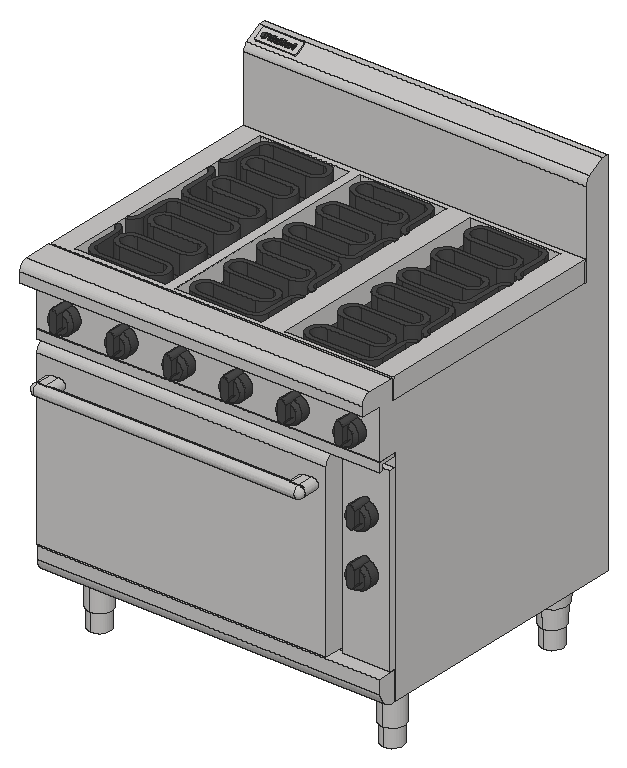
Revit family "QF_MOFFAT WALDORF_RN8610E", category Specialty Equipment, Revit 2012
Parameters
  Width = 900 mm
  Weight in Pounds = 195
  Watts = 20900 W
  Volts = 415 V
  URL Cutsheet = "www.moffat.com"
  URL = "www.moffat.com"
  Type Mark [instance] = ""
  Status [instance] = ""
  Specification by User [instance] = ""
  Specification by Manufacturer = ""
  Show Logo [instance] = yes
  Show Clearance [instance] = yes
  Serial Number = ""
  Seismic Rating = ""
  SMACNA No = ""
  Revision Code [instance] = ""
  Phase = 3
  Omniclass Number and Title = ""
  Number of Poles [instance] = 1
  NAFEM Spec ID Number = ""
  Model = "RN8610E"
  Min Ckt Ampacity = 0 A
  Max Overcurrent Protection = 0 A
  Masterspec = ""
  Manufacturer = "MOFFAT WALDORF"
  Item Number [instance] = ""
  Installed By [instance] = ""
  Identify Quantity as Lot [instance] = yes
  Height = 1130 mm
  HP = ""
  Furnished By [instance] = ""
  Foodservice Equipment Identifier [instance] = yes
  FL Amps = 29.3 A
  Electrical Remarks [instance] = ""
  Electric Connection Type [instance] = ""
  Elec Conn RI Height [instance] = 0 mm
  Elec Conn Connection Height [instance] = 0 mm
  Description = "RANGE ELECTRIC WITH STATIC OVEN"
  Depth = 805 mm
  Cycle = 50 Hz
  Conn Plug = ""
  Conn Conduit = yes
  CSI MasterFormat = ""
  CSI Master Format = ""
  Body Finish = QF_Finishes_Stainless Steel
  Apparent Power = 0 VA
Reference planes
  plane 1 "BACK": y = 0
  plane 2: z = 0
  plane 3 "LEFT": x = 0
  plane 4 "RIGHT": x = 900
  plane 5 "FRONT": y = -805
  plane 6 "TOP": z = 1130
  plane 7 "Center Y": x = 450
  plane 8 "Center X": y = -402.5
  plane 9: x = 280
  plane 10: y = -574.272
  plane 11: y = -304.972
  plane 12: y = -364.972
  plane 13: y = -805
  plane 14: x = 834.5
  plane 15: y = -32
  plane 16: z = 655
  plane 17: x = 65.8
Forms (mm)
  Extrusion 1, solid, material "QF_Finishes_Stainless Steel" <- "Body Finish"
    sketch origin (0, 0, 0) x (0, 1, 0) y (0, 0, 1)
      loop
        line (0, 150) -> (0, 1130) -> (-16.5, 1130) -> (-58.709, 1105.631)
        arc (-58.709, 1105.631) -> (-66.975, 1097.365) -> (-70, 1086.074) r 22.582
        line (-70, 1086.074) -> (-70, 861.8) -> (-709, 861.8) -> (-709, 915) -> (-781, 915)
        arc (-781, 915) -> (-797.971, 907.971) -> (-805, 891) r 24
        line (-805, 891) -> (-805, 866) -> (-749, 866) -> (-749, 736.219) -> (-696.73, 736.219) -> (-696.73, 150) -> (0, 150)
      loop
        line (-700.93, 150.071) -> (-700.93, 222.5) -> (-746.73, 222.5) -> (-746.73, 188)
        arc (-746.73, 188) -> (-731.317, 159.995) -> (-700.93, 150.071) r 43.526
      loop
        line (-749, 710) -> (-740.224, 710) -> (-742.613, 726.999) -> (-700.93, 726.999) -> (-700.93, 734.003) -> (-749, 734.003) -> (-749, 710)
    from 0 to 900
  Extrusion 2, solid, material "QF_Finishes_Stainless Steel"
    sketch origin (0, 0, 0) x (0, 1, 0) y (0, 0, 1)
      loop
        line (-699, 700) -> (-725, 700)
        arc (-725, 700) -> (-741.971, 692.971) -> (-749, 676) r 24
        line (-749, 676) -> (-749, 227.5) -> (-699, 227.5) -> (-699, 700)
    from 0 to 760
  Extrusion 3, solid, material "QF_Finishes_Stainless Steel"
    sketch origin (723.5, 0, 0) x (0, 1, 0) y (0, 0, 1)
      loop
        line (-699, 700) -> (-714, 700) -> (-714, 227.5) -> (-699, 227.5) -> (-699, 700)
    from 51.5 to 176.5
  Revolve 4, solid, material "QF_Finishes_Stainless Steel" <- "Body Finish"
    sketch origin (834.5, -165, 0) x (0, 1, 0) y (0, 0, -1)
      loop
        line (33.25, -50) -> (31.418, -102.468) -> (26.406, -102.468) -> (22.247, -150) -> (65, -150) -> (65, 0) -> (37.5, 0) -> (37.5, -50) -> (33.25, -50)
      axis (65, -150) -> (65, 0)
    angle from 0 to 360
  Revolve 5, solid, material "QF_Finishes_Stainless Steel" <- "Body Finish"
    sketch origin (834.5, -696.126, 0) x (0, 1, 0) y (0, 0, -1)
      loop
        line (39.376, -150) -> (71.126, -150) -> (71.126, 0) -> (43.626, 0) -> (43.626, -50) -> (39.376, -50) -> (39.376, -150)
      axis (71.126, -150) -> (71.126, 0)
    angle from 0 to 360
  Revolve 6, solid, material "QF_Finishes_Stainless Steel" <- "Body Finish"
    sketch origin (65.5, -165, 0) x (0, 1, 0) y (0, 0, 1)
      loop
        line (31.418, 102.468) -> (33.25, 50) -> (37.5, 50) -> (37.5, 0) -> (65, 0) -> (65, 150) -> (22.247, 150) -> (26.406, 102.468) -> (31.418, 102.468)
      axis (65, 150) -> (65, 0)
    angle from 0 to 360
  Revolve 7, solid, material "QF_Finishes_Stainless Steel" <- "Body Finish"
    sketch origin (65.5, -696.126, 0) x (0, 1, 0) y (0, 0, 1)
      loop
        line (39.376, 150) -> (39.376, 50) -> (43.626, 50) -> (43.626, 0) -> (71.126, 0) -> (71.126, 150) -> (39.376, 150)
      axis (71.126, 150) -> (71.126, 0)
    angle from 0 to 360
  Extrusion 8, solid, material "QF_Finishes_Stainless Steel"
    sketch origin (0, -70, 861.8) x (0, -1, 0) y (1, 0, 0)
      loop
        arc (1, 4) -> (1.879, 1.879) -> (4, 1) r 3
        line (4, 1) -> (631, 1)
        arc (631, 1) -> (633.121, 1.879) -> (634, 4) r 3
        line (634, 4) -> (634, 897)
        arc (634, 897) -> (633.121, 899.121) -> (631, 900) r 3
        line (631, 900) -> (4, 900)
        arc (4, 900) -> (1.879, 899.121) -> (1, 897) r 3
        line (1, 897) -> (1, 4)
      loop
        line (15.284, 54) -> (623.415, 54) -> (623.415, 293.3) -> (15.284, 293.3) -> (15.284, 54)
      loop
        line (15.284, 846) -> (15.284, 606.7) -> (623.415, 606.7) -> (623.415, 846) -> (15.284, 846)
      loop
        line (15.284, 546) -> (15.284, 316.7) -> (623.415, 316.7) -> (623.415, 546) -> (15.284, 546)
    from 0 to 53.2
  Revolve 9, solid, material "QF_Finishes_Black"
    sketch origin (839.351, 38.874, -0.118) x (0, 1, 0) y (0, 0, 1)
      loop
        line (-820.874, 829.5) -> (-831.874, 823.651) -> (-831.874, 797) -> (-787.874, 797) -> (-787.874, 802) -> (-797.874, 802) -> (-797.874, 829.5) -> (-820.874, 829.5)
      axis (-831.874, 797) -> (-787.874, 797)
    angle from 0 to 360
  Revolve 10, solid, material "QF_Finishes_Black"
    sketch origin (689.351, 38.874, -0.118) x (0, 1, 0) y (0, 0, 1)
      loop
        line (-820.874, 829.5) -> (-831.874, 823.651) -> (-831.874, 797) -> (-787.874, 797) -> (-787.874, 802) -> (-797.874, 802) -> (-797.874, 829.5) -> (-820.874, 829.5)
      axis (-831.874, 797) -> (-787.874, 797)
    angle from 0 to 360
  Revolve 11, solid, material "QF_Finishes_Black"
    sketch origin (90.649, 38.874, -0.118) x (0, 1, 0) y (0, 0, -1)
      loop
        line (-820.874, -829.5) -> (-797.874, -829.5) -> (-797.874, -802) -> (-787.874, -802) -> (-787.874, -797) -> (-831.874, -797) -> (-831.874, -823.651) -> (-820.874, -829.5)
      axis (-831.874, -797) -> (-787.874, -797)
    angle from 0 to 360
  Revolve 12, solid, material "QF_Finishes_Black"
    sketch origin (240.649, 38.874, -0.118) x (0, 1, 0) y (0, 0, -1)
      loop
        line (-820.874, -829.5) -> (-797.874, -829.5) -> (-797.874, -802) -> (-787.874, -802) -> (-787.874, -797) -> (-831.874, -797) -> (-831.874, -823.651) -> (-820.874, -829.5)
      axis (-831.874, -797) -> (-787.874, -797)
    angle from 0 to 360
  Revolve 13, solid, material "QF_Finishes_Black"
    sketch origin (390.625, 38.874, -0.118) x (0, 1, 0) y (0, 0, -1)
      loop
        line (-820.874, -829.5) -> (-797.874, -829.5) -> (-797.874, -802) -> (-787.874, -802) -> (-787.874, -797) -> (-831.874, -797) -> (-831.874, -823.651) -> (-820.874, -829.5)
      axis (-831.874, -797) -> (-787.874, -797)
    angle from 0 to 360
  Revolve 14, solid, material "QF_Finishes_Black"
    sketch origin (540.625, 38.874, -0.118) x (0, 1, 0) y (0, 0, -1)
      loop
        line (-820.874, -829.5) -> (-797.874, -829.5) -> (-797.874, -802) -> (-787.874, -802) -> (-787.874, -797) -> (-831.874, -797) -> (-831.874, -823.651) -> (-820.874, -829.5)
      axis (-831.874, -797) -> (-787.874, -797)
    angle from 0 to 360
  Extrusion 15, solid, material "QF_Finishes_Black"
    sketch origin (238.456, 0, -0.118) x (-1, 0, 0) y (0, 0, -1)
      loop
        arc (158.3, -789) -> (148.3, -779) -> (138.3, -789) r 10
        line (138.3, -789) -> (138.3, -824)
        arc (138.3, -824) -> (148.3, -834) -> (158.3, -824) r 10
        line (158.3, -824) -> (158.3, -789)
    from 759 to 808
  Extrusion 16, solid, material "QF_Finishes_Black"
    sketch origin (388.456, 0, -0.118) x (-1, 0, 0) y (0, 0, -1)
      loop
        arc (158.3, -789) -> (148.3, -779) -> (138.3, -789) r 10
        line (138.3, -789) -> (138.3, -824)
        arc (138.3, -824) -> (148.3, -834) -> (158.3, -824) r 10
        line (158.3, -824) -> (158.3, -789)
    from 759 to 808
  Extrusion 17, solid, material "QF_Finishes_Black"
    sketch origin (691.544, 0, -0.118) x (1, 0, 0) y (0, 0, 1)
      loop
        line (158.3, 789) -> (158.3, 824)
        arc (158.3, 824) -> (148.3, 834) -> (138.3, 824) r 10
        line (138.3, 824) -> (138.3, 789)
        arc (138.3, 789) -> (148.3, 779) -> (158.3, 789) r 10
    from 759 to 808
  Extrusion 18, solid, material "QF_Finishes_Black"
    sketch origin (541.544, 0, -0.118) x (1, 0, 0) y (0, 0, 1)
      loop
        line (158.3, 789) -> (158.3, 824)
        arc (158.3, 824) -> (148.3, 834) -> (138.3, 824) r 10
        line (138.3, 824) -> (138.3, 789)
        arc (138.3, 789) -> (148.3, 779) -> (158.3, 789) r 10
    from 759 to 808
  Extrusion 19, solid, material "QF_Finishes_Black"
    sketch origin (538.432, 0, -0.118) x (-1, 0, 0) y (0, 0, -1)
      loop
        arc (158.3, -789) -> (148.3, -779) -> (138.3, -789) r 10
        line (138.3, -789) -> (138.3, -824)
        arc (138.3, -824) -> (148.3, -834) -> (158.3, -824) r 10
        line (158.3, -824) -> (158.3, -789)
    from 759 to 808
  Extrusion 20, solid, material "QF_Finishes_Black"
    sketch origin (688.432, 0, -0.118) x (-1, 0, 0) y (0, 0, -1)
      loop
        arc (158.3, -789) -> (148.3, -779) -> (138.3, -789) r 10
        line (138.3, -789) -> (138.3, -824)
        arc (138.3, -824) -> (148.3, -834) -> (158.3, -824) r 10
        line (158.3, -824) -> (158.3, -789)
    from 759 to 808
  Revolve 21, solid, material "QF_Finishes_Black"
    sketch origin (836.851, 81.374, -216.368) x (0, 1, 0) y (0, 0, 1)
      loop
        line (-820.874, 829.5) -> (-831.874, 823.651) -> (-831.874, 797) -> (-787.874, 797) -> (-787.874, 802) -> (-797.874, 802) -> (-797.874, 829.5) -> (-820.874, 829.5)
      axis (-831.874, 797) -> (-787.874, 797)
    angle from 0 to 360
  Extrusion 22, solid, material "QF_Finishes_Black"
    sketch origin (689.044, 42.5, -216.368) x (1, 0, 0) y (0, 0, 1)
      loop
        line (158.3, 789) -> (158.3, 824)
        arc (158.3, 824) -> (148.3, 834) -> (138.3, 824) r 10
        line (138.3, 824) -> (138.3, 789)
        arc (138.3, 789) -> (148.3, 779) -> (158.3, 789) r 10
    from 759 to 808
  Revolve 23, solid, material "QF_Finishes_Black"
    sketch origin (836.851, 81.374, -356.368) x (0, 1, 0) y (0, 0, 1)
      loop
        line (-820.874, 829.5) -> (-831.874, 823.651) -> (-831.874, 797) -> (-787.874, 797) -> (-787.874, 802) -> (-797.874, 802) -> (-797.874, 829.5) -> (-820.874, 829.5)
      axis (-831.874, 797) -> (-787.874, 797)
    angle from 0 to 360
  Extrusion 24, solid, material "QF_Finishes_Black"
    sketch origin (689.044, 42.5, -356.368) x (1, 0, 0) y (0, 0, 1)
      loop
        line (158.3, 789) -> (158.3, 824)
        arc (158.3, 824) -> (148.3, 834) -> (138.3, 824) r 10
        line (138.3, 824) -> (138.3, 789)
        arc (138.3, 789) -> (148.3, 779) -> (158.3, 789) r 10
    from 759 to 808
  Extrusion 25, solid, material "QF_Finishes_Stainless Steel"
    sketch origin (0, -737.874, 150) x (1, 0, 0) y (0, -1, 0)
      loop
        circle (820, -271.874) r 10
    from 0 to 5
  Extrusion 26, solid, material "QF_Door-Drawer Clearances", visible <- "Show Clearance", detail levels coarse
    sketch origin (0, 0, 0) x (0, -1, 0) y (0, 0, 1)
      loop
        line (749, 697.347) -> (749, 227.5) -> (1218.847, 227.5)
        arc (1218.847, 227.5) -> (1081.232, 559.732) -> (749, 697.347) r 469.847
    from 0 to -760
  Extrusion 27, solid, material "QF_Finishes_Black"
    sketch origin (0, -70, 0) x (0, -1, 0) y (1, 0, 0)
      loop
        arc (20.503, 102.138) -> (29.265, 78.692) -> (52.032, 68.293) r 32.731
        line (52.032, 68.293) -> (123.291, 68.293)
        arc (123.291, 68.293) -> (134.915, 64.189) -> (141.853, 54) r 19.786
        line (141.853, 54) -> (154.156, 54)
        arc (154.156, 54) -> (143.507, 72.673) -> (123.41, 80.3) r 31.79
        line (123.41, 80.3) -> (52.272, 80.3)
        arc (52.272, 80.3) -> (37.925, 87.003) -> (32.5, 101.881) r 20.722
        line (32.5, 101.881) -> (32.5, 234.6)
        arc (32.5, 234.6) -> (54.2, 256.3) -> (75.9, 234.6) r 21.7
        line (75.9, 234.6) -> (75.9, 122)
        arc (75.9, 122) -> (109.6, 88.3) -> (143.3, 122) r 33.7
        line (143.3, 122) -> (143.3, 234.6)
        arc (143.3, 234.6) -> (165, 256.3) -> (186.7, 234.6) r 21.7
        line (186.7, 234.6) -> (186.7, 122)
        arc (186.7, 122) -> (220.4, 88.3) -> (254.1, 122) r 33.7
        line (254.1, 122) -> (254.1, 234.6)
        arc (254.1, 234.6) -> (275.8, 256.3) -> (297.5, 234.6) r 21.7
        line (297.5, 234.6) -> (297.5, 101.881)
        arc (297.5, 101.881) -> (292.075, 87.003) -> (277.728, 80.3) r 20.722
        line (277.728, 80.3) -> (206.584, 80.3)
        arc (206.584, 80.3) -> (186.467, 72.659) -> (175.749, 54) r 31.973
        line (175.749, 54) -> (188.064, 54)
        arc (188.064, 54) -> (195.064, 64.184) -> (206.716, 68.3) r 19.973
        line (206.716, 68.3) -> (277.967, 68.3)
        arc (277.967, 68.3) -> (300.725, 78.682) -> (309.5, 102.106) r 32.722
        line (309.5, 102.106) -> (309.5, 234.6)
        arc (309.5, 234.6) -> (275.8, 268.3) -> (242.1, 234.6) r 33.7
        line (242.1, 234.6) -> (242.1, 122)
        arc (242.1, 122) -> (220.4, 100.3) -> (198.7, 122) r 21.7
        line (198.7, 122) -> (198.7, 234.6)
        arc (198.7, 234.6) -> (165, 268.3) -> (131.3, 234.6) r 33.7
        line (131.3, 234.6) -> (131.3, 122)
        arc (131.3, 122) -> (109.6, 100.3) -> (87.9, 122) r 21.7
        line (87.9, 122) -> (87.9, 234.6)
        arc (87.9, 234.6) -> (54.202, 268.298) -> (20.503, 234.6) r 33.698
        line (20.503, 234.6) -> (20.503, 102.138)
      loop
        arc (325.503, 102.138) -> (334.265, 78.692) -> (357.032, 68.293) r 32.731
        line (357.032, 68.293) -> (428.291, 68.293)
        arc (428.291, 68.293) -> (439.915, 64.189) -> (446.853, 54) r 19.786
        line (446.853, 54) -> (459.156, 54)
        arc (459.156, 54) -> (448.507, 72.673) -> (428.41, 80.3) r 31.79
        line (428.41, 80.3) -> (357.272, 80.3)
        arc (357.272, 80.3) -> (342.925, 87.003) -> (337.5, 101.881) r 20.722
        line (337.5, 101.881) -> (337.5, 234.6)
        arc (337.5, 234.6) -> (359.2, 256.3) -> (380.9, 234.6) r 21.7
        line (380.9, 234.6) -> (380.9, 122)
        arc (380.9, 122) -> (414.6, 88.3) -> (448.3, 122) r 33.7
        line (448.3, 122) -> (448.3, 234.6)
        arc (448.3, 234.6) -> (470, 256.3) -> (491.7, 234.6) r 21.7
        line (491.7, 234.6) -> (491.7, 122)
        arc (491.7, 122) -> (525.4, 88.3) -> (559.1, 122) r 33.7
        line (559.1, 122) -> (559.1, 234.6)
        arc (559.1, 234.6) -> (580.8, 256.3) -> (602.5, 234.6) r 21.7
        line (602.5, 234.6) -> (602.5, 101.881)
        arc (602.5, 101.881) -> (597.075, 87.003) -> (582.728, 80.3) r 20.722
        line (582.728, 80.3) -> (511.584, 80.3)
        arc (511.584, 80.3) -> (491.467, 72.659) -> (480.749, 54) r 31.973
        line (480.749, 54) -> (493.064, 54)
        arc (493.064, 54) -> (500.064, 64.184) -> (511.716, 68.3) r 19.973
        line (511.716, 68.3) -> (582.967, 68.3)
        arc (582.967, 68.3) -> (605.725, 78.682) -> (614.5, 102.106) r 32.722
        line (614.5, 102.106) -> (614.5, 234.6)
        arc (614.5, 234.6) -> (580.8, 268.3) -> (547.1, 234.6) r 33.7
        line (547.1, 234.6) -> (547.1, 122)
        arc (547.1, 122) -> (525.4, 100.3) -> (503.7, 122) r 21.7
        line (503.7, 122) -> (503.7, 234.6)
        arc (503.7, 234.6) -> (470, 268.3) -> (436.3, 234.6) r 33.7
        line (436.3, 234.6) -> (436.3, 122)
        arc (436.3, 122) -> (414.6, 100.3) -> (392.9, 122) r 21.7
        line (392.9, 122) -> (392.9, 234.6)
        arc (392.9, 234.6) -> (359.202, 268.298) -> (325.503, 234.6) r 33.698
        line (325.503, 234.6) -> (325.503, 102.138)
      loop
        line (20.503, 497.862) -> (20.503, 365.4)
        arc (20.503, 365.4) -> (54.202, 331.702) -> (87.9, 365.4) r 33.698
        line (87.9, 365.4) -> (87.9, 478)
        arc (87.9, 478) -> (109.6, 499.7) -> (131.3, 478) r 21.7
        line (131.3, 478) -> (131.3, 365.4)
        arc (131.3, 365.4) -> (165, 331.7) -> (198.7, 365.4) r 33.7
        line (198.7, 365.4) -> (198.7, 478)
        arc (198.7, 478) -> (220.4, 499.7) -> (242.1, 478) r 21.7
        line (242.1, 478) -> (242.1, 365.4)
        arc (242.1, 365.4) -> (275.8, 331.7) -> (309.5, 365.4) r 33.7
        line (309.5, 365.4) -> (309.5, 497.894)
        arc (309.5, 497.894) -> (300.725, 521.318) -> (277.967, 531.7) r 32.722
        line (277.967, 531.7) -> (206.716, 531.7)
        arc (206.716, 531.7) -> (195.064, 535.816) -> (188.064, 546) r 19.973
        line (188.064, 546) -> (175.749, 546)
        arc (175.749, 546) -> (186.467, 527.341) -> (206.584, 519.7) r 31.973
        line (206.584, 519.7) -> (277.728, 519.7)
        arc (277.728, 519.7) -> (292.075, 512.997) -> (297.5, 498.119) r 20.722
        line (297.5, 498.119) -> (297.5, 365.4)
        arc (297.5, 365.4) -> (275.8, 343.7) -> (254.1, 365.4) r 21.7
        line (254.1, 365.4) -> (254.1, 478)
        arc (254.1, 478) -> (220.4, 511.7) -> (186.7, 478) r 33.7
        line (186.7, 478) -> (186.7, 365.4)
        arc (186.7, 365.4) -> (165, 343.7) -> (143.3, 365.4) r 21.7
        line (143.3, 365.4) -> (143.3, 478)
        arc (143.3, 478) -> (109.6, 511.7) -> (75.9, 478) r 33.7
        line (75.9, 478) -> (75.9, 365.4)
        arc (75.9, 365.4) -> (54.2, 343.7) -> (32.5, 365.4) r 21.7
        line (32.5, 365.4) -> (32.5, 498.119)
        arc (32.5, 498.119) -> (37.925, 512.997) -> (52.272, 519.7) r 20.722
        line (52.272, 519.7) -> (123.41, 519.7)
        arc (123.41, 519.7) -> (143.507, 527.327) -> (154.156, 546) r 31.79
        line (154.156, 546) -> (141.853, 546)
        arc (141.853, 546) -> (134.915, 535.811) -> (123.291, 531.707) r 19.786
        line (123.291, 531.707) -> (52.032, 531.707)
        arc (52.032, 531.707) -> (29.265, 521.308) -> (20.503, 497.862) r 32.731
      loop
        line (325.503, 497.862) -> (325.503, 365.4)
        arc (325.503, 365.4) -> (359.202, 331.702) -> (392.9, 365.4) r 33.698
        line (392.9, 365.4) -> (392.9, 478)
        arc (392.9, 478) -> (414.6, 499.7) -> (436.3, 478) r 21.7
        line (436.3, 478) -> (436.3, 365.4)
        arc (436.3, 365.4) -> (470, 331.7) -> (503.7, 365.4) r 33.7
        line (503.7, 365.4) -> (503.7, 478)
        arc (503.7, 478) -> (525.4, 499.7) -> (547.1, 478) r 21.7
        line (547.1, 478) -> (547.1, 365.4)
        arc (547.1, 365.4) -> (580.8, 331.7) -> (614.5, 365.4) r 33.7
        line (614.5, 365.4) -> (614.5, 497.894)
        arc (614.5, 497.894) -> (605.725, 521.318) -> (582.967, 531.7) r 32.722
        line (582.967, 531.7) -> (511.716, 531.7)
        arc (511.716, 531.7) -> (500.064, 535.816) -> (493.064, 546) r 19.973
        line (493.064, 546) -> (480.749, 546)
        arc (480.749, 546) -> (491.467, 527.341) -> (511.584, 519.7) r 31.973
        line (511.584, 519.7) -> (582.728, 519.7)
        arc (582.728, 519.7) -> (597.075, 512.997) -> (602.5, 498.119) r 20.722
        line (602.5, 498.119) -> (602.5, 365.4)
        arc (602.5, 365.4) -> (580.8, 343.7) -> (559.1, 365.4) r 21.7
        line (559.1, 365.4) -> (559.1, 478)
        arc (559.1, 478) -> (525.4, 511.7) -> (491.7, 478) r 33.7
        line (491.7, 478) -> (491.7, 365.4)
        arc (491.7, 365.4) -> (470, 343.7) -> (448.3, 365.4) r 21.7
        line (448.3, 365.4) -> (448.3, 478)
        arc (448.3, 478) -> (414.6, 511.7) -> (380.9, 478) r 33.7
        line (380.9, 478) -> (380.9, 365.4)
        arc (380.9, 365.4) -> (359.2, 343.7) -> (337.5, 365.4) r 21.7
        line (337.5, 365.4) -> (337.5, 498.119)
        arc (337.5, 498.119) -> (342.925, 512.997) -> (357.272, 519.7) r 20.722
        line (357.272, 519.7) -> (428.41, 519.7)
        arc (428.41, 519.7) -> (448.507, 527.327) -> (459.156, 546) r 31.79
        line (459.156, 546) -> (446.853, 546)
        arc (446.853, 546) -> (439.915, 535.811) -> (428.291, 531.707) r 19.786
        line (428.291, 531.707) -> (357.032, 531.707)
        arc (357.032, 531.707) -> (334.265, 521.308) -> (325.503, 497.862) r 32.731
      loop
        line (20.503, 797.862) -> (20.503, 665.4)
        arc (20.503, 665.4) -> (54.202, 631.702) -> (87.9, 665.4) r 33.698
        line (87.9, 665.4) -> (87.9, 778)
        arc (87.9, 778) -> (109.6, 799.7) -> (131.3, 778) r 21.7
        line (131.3, 778) -> (131.3, 665.4)
        arc (131.3, 665.4) -> (165, 631.7) -> (198.7, 665.4) r 33.7
        line (198.7, 665.4) -> (198.7, 778)
        arc (198.7, 778) -> (220.4, 799.7) -> (242.1, 778) r 21.7
        line (242.1, 778) -> (242.1, 665.4)
        arc (242.1, 665.4) -> (275.8, 631.7) -> (309.5, 665.4) r 33.7
        line (309.5, 665.4) -> (309.5, 797.894)
        arc (309.5, 797.894) -> (300.725, 821.318) -> (277.967, 831.7) r 32.722
        line (277.967, 831.7) -> (206.716, 831.7)
        arc (206.716, 831.7) -> (195.064, 835.816) -> (188.064, 846) r 19.973
        line (188.064, 846) -> (175.749, 846)
        arc (175.749, 846) -> (186.467, 827.341) -> (206.584, 819.7) r 31.973
        line (206.584, 819.7) -> (277.728, 819.7)
        arc (277.728, 819.7) -> (292.075, 812.997) -> (297.5, 798.119) r 20.722
        line (297.5, 798.119) -> (297.5, 665.4)
        arc (297.5, 665.4) -> (275.8, 643.7) -> (254.1, 665.4) r 21.7
        line (254.1, 665.4) -> (254.1, 778)
        arc (254.1, 778) -> (220.4, 811.7) -> (186.7, 778) r 33.7
        line (186.7, 778) -> (186.7, 665.4)
        arc (186.7, 665.4) -> (165, 643.7) -> (143.3, 665.4) r 21.7
        line (143.3, 665.4) -> (143.3, 778)
        arc (143.3, 778) -> (109.6, 811.7) -> (75.9, 778) r 33.7
        line (75.9, 778) -> (75.9, 665.4)
        arc (75.9, 665.4) -> (54.2, 643.7) -> (32.5, 665.4) r 21.7
        line (32.5, 665.4) -> (32.5, 798.119)
        arc (32.5, 798.119) -> (37.925, 812.997) -> (52.272, 819.7) r 20.722
        line (52.272, 819.7) -> (123.41, 819.7)
        arc (123.41, 819.7) -> (143.507, 827.327) -> (154.156, 846) r 31.79
        line (154.156, 846) -> (141.853, 846)
        arc (141.853, 846) -> (134.915, 835.811) -> (123.291, 831.707) r 19.786
        line (123.291, 831.707) -> (52.032, 831.707)
        arc (52.032, 831.707) -> (29.265, 821.308) -> (20.503, 797.862) r 32.731
      loop
        line (325.503, 797.862) -> (325.503, 665.4)
        arc (325.503, 665.4) -> (359.202, 631.702) -> (392.9, 665.4) r 33.698
        line (392.9, 665.4) -> (392.9, 778)
        arc (392.9, 778) -> (414.6, 799.7) -> (436.3, 778) r 21.7
        line (436.3, 778) -> (436.3, 665.4)
        arc (436.3, 665.4) -> (470, 631.7) -> (503.7, 665.4) r 33.7
        line (503.7, 665.4) -> (503.7, 778)
        arc (503.7, 778) -> (525.4, 799.7) -> (547.1, 778) r 21.7
        line (547.1, 778) -> (547.1, 665.4)
        arc (547.1, 665.4) -> (580.8, 631.7) -> (614.5, 665.4) r 33.7
        line (614.5, 665.4) -> (614.5, 797.894)
        arc (614.5, 797.894) -> (605.725, 821.318) -> (582.967, 831.7) r 32.722
        line (582.967, 831.7) -> (511.716, 831.7)
        arc (511.716, 831.7) -> (500.064, 835.816) -> (493.064, 846) r 19.973
        line (493.064, 846) -> (480.749, 846)
        arc (480.749, 846) -> (491.467, 827.341) -> (511.584, 819.7) r 31.973
        line (511.584, 819.7) -> (582.728, 819.7)
        arc (582.728, 819.7) -> (597.075, 812.997) -> (602.5, 798.119) r 20.722
        line (602.5, 798.119) -> (602.5, 665.4)
        arc (602.5, 665.4) -> (580.8, 643.7) -> (559.1, 665.4) r 21.7
        line (559.1, 665.4) -> (559.1, 778)
        arc (559.1, 778) -> (525.4, 811.7) -> (491.7, 778) r 33.7
        line (491.7, 778) -> (491.7, 665.4)
        arc (491.7, 665.4) -> (470, 643.7) -> (448.3, 665.4) r 21.7
        line (448.3, 665.4) -> (448.3, 778)
        arc (448.3, 778) -> (414.6, 811.7) -> (380.9, 778) r 33.7
        line (380.9, 778) -> (380.9, 665.4)
        arc (380.9, 665.4) -> (359.2, 643.7) -> (337.5, 665.4) r 21.7
        line (337.5, 665.4) -> (337.5, 798.119)
        arc (337.5, 798.119) -> (342.925, 812.997) -> (357.272, 819.7) r 20.722
        line (357.272, 819.7) -> (428.41, 819.7)
        arc (428.41, 819.7) -> (448.507, 827.327) -> (459.156, 846) r 31.79
        line (459.156, 846) -> (446.853, 846)
        arc (446.853, 846) -> (439.915, 835.811) -> (428.291, 831.707) r 19.786
        line (428.291, 831.707) -> (357.032, 831.707)
        arc (357.032, 831.707) -> (334.265, 821.308) -> (325.503, 797.862) r 32.731
    from 861.8 to 915
  Extrusion 28, solid, material "QF_Finishes_Stainless Steel"
    sketch origin (0, -749, 227.5) x (0, 0, 1) y (-1, 0, 0)
      loop
        line (380.625, -38.246) -> (380.625, -58.528)
        arc (380.625, -58.528) -> (395.625, -73.528) -> (410.625, -58.528) r 15
        line (410.625, -58.528) -> (410.625, -38.246)
        arc (410.625, -38.246) -> (395.625, -23.246) -> (380.625, -38.246) r 15
      loop
        arc (380.625, -723.039) -> (395.625, -738.039) -> (410.625, -723.039) r 15
        line (410.625, -723.039) -> (410.625, -702.757)
        arc (410.625, -702.757) -> (395.625, -687.757) -> (380.625, -702.757) r 15
        line (380.625, -702.757) -> (380.625, -723.039)
    from 0 to 44
  Revolve 29, solid, material "QF_Finishes_Stainless Steel"
    sketch origin (0, -793, 0) x (1, 0, 0) y (0, 0, 1)
      loop
        arc (738.039, 623.125) -> (733.646, 633.732) -> (723.039, 638.125) r 15
        line (723.039, 638.125) -> (38.246, 638.125)
        arc (38.246, 638.125) -> (27.64, 633.732) -> (23.246, 623.125) r 15
        line (23.246, 623.125) -> (738.039, 623.125)
      axis (738.039, 623.125) -> (23.246, 623.125)
    angle from 0 to 360
Lines and regions (mm)
  Split face 1
    outline origin (0, -16.5, 1130) x (0, -0.866025, -0.5) y (1, 0, 0)
      loop
        line (1.962, 129.583) -> (34.599, 129.583) -> (34.599, 149.583) -> (1.962, 149.583) -> (1.962, 129.583)
  Split face 2
    outline origin (0, -16.5, 1130) x (0, -0.866025, -0.5) y (1, 0, 0)
      loop
        line (34.599, 156.5) -> (34.599, 176.5) -> (1.962, 176.5) -> (1.962, 156.5) -> (34.599, 156.5)
  Split face 3
    outline origin (0, -16.5, 1130) x (0, -0.866025, -0.5) y (1, 0, 0)
      loop
        line (34.599, 203.5) -> (1.962, 203.5) -> (1.962, 183.5) -> (34.599, 183.5) -> (34.599, 203.5)
  Split face 4
    outline origin (0, -16.5, 1130) x (0, -0.866025, -0.5) y (1, 0, 0)
      loop
        line (34.599, 230.5) -> (1.962, 230.5) -> (1.962, 210.5) -> (34.599, 210.5) -> (34.599, 230.5)
  Split face 5
    outline origin (0, -16.5, 1130) x (0, -0.866025, -0.5) y (1, 0, 0)
      loop
        line (34.599, 257.5) -> (1.962, 257.5) -> (1.962, 237.5) -> (34.599, 237.5) -> (34.599, 257.5)
  Split face 6
    outline origin (0, -16.5, 1130) x (0, -0.866025, -0.5) y (1, 0, 0)
      loop
        line (34.599, 264.5) -> (34.599, 284.5) -> (1.962, 284.5) -> (1.962, 264.5) -> (34.599, 264.5)
  Split face 7
    outline origin (0, -16.5, 1130) x (0, -0.866025, -0.5) y (1, 0, 0)
      loop
        line (34.599, 311.5) -> (1.962, 311.5) -> (1.962, 291.5) -> (34.599, 291.5) -> (34.599, 311.5)
  Split face 8
    outline origin (0, -16.5, 1130) x (0, -0.866025, -0.5) y (1, 0, 0)
      loop
        line (1.962, 638.5) -> (1.962, 618.5) -> (34.599, 618.5) -> (34.599, 638.5) -> (1.962, 638.5)
  Split face 9
    outline origin (0, -16.5, 1130) x (0, -0.866025, -0.5) y (1, 0, 0)
      loop
        line (1.962, 645.5) -> (34.599, 645.5) -> (34.599, 665.5) -> (1.962, 665.5) -> (1.962, 645.5)
  Split face 10
    outline origin (0, -16.5, 1130) x (0, -0.866025, -0.5) y (1, 0, 0)
      loop
        line (34.599, 672.5) -> (34.599, 692.5) -> (1.962, 692.5) -> (1.962, 672.5) -> (34.599, 672.5)
  Split face 11
    outline origin (0, -16.5, 1130) x (0, -0.866025, -0.5) y (1, 0, 0)
      loop
        line (34.599, 699.5) -> (34.599, 719.5) -> (1.962, 719.5) -> (1.962, 699.5) -> (34.599, 699.5)
  Split face 12
    outline origin (0, -16.5, 1130) x (0, -0.866025, -0.5) y (1, 0, 0)
      loop
        line (34.599, 726.5) -> (34.599, 746.5) -> (1.962, 746.5) -> (1.962, 726.5) -> (34.599, 726.5)
  Split face 13
    outline origin (0, -16.5, 1130) x (0, -0.866025, -0.5) y (1, 0, 0)
      loop
        line (1.962, 753.5) -> (34.599, 753.5) -> (34.599, 773.5) -> (1.962, 773.5) -> (1.962, 753.5)
  Split face 14
    outline origin (29.312, -16.5, 1130) x (0, -0.866025, -0.5) y (1, 0, 0)
      loop
        line (34.599, 311.5) -> (1.962, 311.5) -> (1.962, 291.5) -> (34.599, 291.5) -> (34.599, 311.5)
  Split face 15
    outline origin (58.539, -16.5, 1130) x (0, -0.866025, -0.5) y (1, 0, 0)
      loop
        line (34.599, 311.5) -> (1.962, 311.5) -> (1.962, 291.5) -> (34.599, 291.5) -> (34.599, 311.5)
  Split face 16
    outline origin (85.538, -16.5, 1130) x (0, -0.866025, -0.5) y (1, 0, 0)
      loop
        line (34.599, 311.5) -> (1.962, 311.5) -> (1.962, 291.5) -> (34.599, 291.5) -> (34.599, 311.5)
  Split face 17
    outline origin (111.014, -16.5, 1130) x (0, -0.866025, -0.5) y (1, 0, 0)
      loop
        line (34.599, 311.5) -> (1.962, 311.5) -> (1.962, 291.5) -> (34.599, 291.5) -> (34.599, 311.5)
  Split face 18
    outline origin (137.462, -16.5, 1130) x (0, -0.866025, -0.5) y (1, 0, 0)
      loop
        line (34.599, 311.5) -> (1.962, 311.5) -> (1.962, 291.5) -> (34.599, 291.5) -> (34.599, 311.5)
  Split face 19
    outline origin (163.546, -16.5, 1130) x (0, -0.866025, -0.5) y (1, 0, 0)
      loop
        line (34.599, 311.5) -> (1.962, 311.5) -> (1.962, 291.5) -> (34.599, 291.5) -> (34.599, 311.5)
  Split face 20
    outline origin (189.443, -16.5, 1130) x (0, -0.866025, -0.5) y (1, 0, 0)
      loop
        line (34.599, 311.5) -> (1.962, 311.5) -> (1.962, 291.5) -> (34.599, 291.5) -> (34.599, 311.5)
  Split face 21
    outline origin (215.891, -16.5, 1130) x (0, -0.866025, -0.5) y (1, 0, 0)
      loop
        line (34.599, 311.5) -> (1.962, 311.5) -> (1.962, 291.5) -> (34.599, 291.5) -> (34.599, 311.5)
  Split face 22
    outline origin (246.196, -16.5, 1130) x (0, -0.866025, -0.5) y (1, 0, 0)
      loop
        line (34.599, 311.5) -> (1.962, 311.5) -> (1.962, 291.5) -> (34.599, 291.5) -> (34.599, 311.5)
  Split face 23
    outline origin (274.297, -16.5, 1130) x (0, -0.866025, -0.5) y (1, 0, 0)
      loop
        line (34.599, 311.5) -> (1.962, 311.5) -> (1.962, 291.5) -> (34.599, 291.5) -> (34.599, 311.5)
  Split face 24
    outline origin (299.643, -16.5, 1130) x (0, -0.866025, -0.5) y (1, 0, 0)
      loop
        line (34.599, 311.5) -> (1.962, 311.5) -> (1.962, 291.5) -> (34.599, 291.5) -> (34.599, 311.5)
  symbolic lines
    curve 1: line (0, 0, 0) -> (0, -805, 0)
    curve 2: line (900, 0, 0) -> (0, 0, 0)
    curve 3: line (900, -805, 0) -> (900, 0, 0)
    curve 4: line (0, -70, 0) -> (900, -70, 0)
    curve 5: line (12.5, -51.234, 0) -> (12.5, -20.958, 0)
    curve 6: line (12.5, -20.958, 0) -> (121.5, -20.958, 0)
    curve 7: line (12.5, -51.234, 0) -> (121.5, -51.234, 0)
    curve 8: line (121.5, -20.958, 0) -> (121.5, -51.234, 0)
    curve 9: line (129.583, -22.262, 0) -> (129.583, -50.526, 0)
    curve 10: line (129.583, -50.526, 0) -> (149.583, -50.526, 0)
    curve 11: line (149.583, -50.526, 0) -> (149.583, -22.262, 0)
    curve 12: line (149.583, -22.262, 0) -> (129.583, -22.262, 0)
    curve 13: line (156.5, -22.262, 0) -> (156.5, -50.526, 0)
    curve 14: line (156.5, -50.526, 0) -> (176.5, -50.526, 0)
    curve 15: line (176.5, -50.526, 0) -> (176.5, -22.262, 0)
    curve 16: line (176.5, -22.262, 0) -> (156.5, -22.262, 0)
    curve 17: line (183.5, -22.262, 0) -> (183.5, -50.526, 0)
    curve 18: line (183.5, -50.526, 0) -> (203.5, -50.526, 0)
    curve 19: line (203.5, -50.526, 0) -> (203.5, -22.262, 0)
    curve 20: line (203.5, -22.262, 0) -> (183.5, -22.262, 0)
    curve 21: line (210.5, -22.262, 0) -> (210.5, -50.526, 0)
    curve 22: line (210.5, -50.526, 0) -> (230.5, -50.526, 0)
    curve 23: line (230.5, -50.526, 0) -> (230.5, -22.262, 0)
    curve 24: line (230.5, -22.262, 0) -> (210.5, -22.262, 0)
    curve 25: line (900, -805, 0) -> (0, -805, 0)
    curve 26: line (4.5, -805, 0) -> (4.5, -70, 0)
    curve 27: line (897, -70, 0) -> (897, -805, 0)
    curve 28: line (237.5, -22.262, 0) -> (237.5, -50.526, 0)
    curve 29: line (237.5, -50.526, 0) -> (257.5, -50.526, 0)
    curve 30: line (257.5, -50.526, 0) -> (257.5, -22.262, 0)
    curve 31: line (257.5, -22.262, 0) -> (237.5, -22.262, 0)
    curve 32: line (264.417, -22.262, 0) -> (264.417, -50.526, 0)
    curve 33: line (264.417, -50.526, 0) -> (284.417, -50.526, 0)
    curve 34: line (284.417, -50.526, 0) -> (284.417, -22.262, 0)
    curve 35: line (284.417, -22.262, 0) -> (264.417, -22.262, 0)
    curve 36: line (291.417, -22.262, 0) -> (291.417, -50.526, 0)
    curve 37: line (291.417, -50.526, 0) -> (311.417, -50.526, 0)
    curve 38: line (311.417, -50.526, 0) -> (311.417, -22.262, 0)
    curve 39: line (311.417, -22.262, 0) -> (291.417, -22.262, 0)
    curve 40: line (318.417, -22.262, 0) -> (318.417, -50.526, 0)
    curve 41: line (318.417, -50.526, 0) -> (338.417, -50.526, 0)
    curve 42: line (338.417, -50.526, 0) -> (338.417, -22.262, 0)
    curve 43: line (338.417, -22.262, 0) -> (318.417, -22.262, 0)
    curve 44: line (350.039, -22.262, 0) -> (350.039, -50.526, 0)
    curve 45: line (350.039, -50.526, 0) -> (370.039, -50.526, 0)
    curve 46: line (370.039, -50.526, 0) -> (370.039, -22.262, 0)
    curve 47: line (370.039, -22.262, 0) -> (350.039, -22.262, 0)
    curve 48: line (376.956, -22.262, 0) -> (376.956, -50.526, 0)
    curve 49: line (376.956, -50.526, 0) -> (396.956, -50.526, 0)
    curve 50: line (396.956, -50.526, 0) -> (396.956, -22.262, 0)
    curve 51: line (396.956, -22.262, 0) -> (376.956, -22.262, 0)
    curve 52: line (403.956, -22.262, 0) -> (403.956, -50.526, 0)
    curve 53: line (403.956, -50.526, 0) -> (423.956, -50.526, 0)
    curve 54: line (423.956, -50.526, 0) -> (423.956, -22.262, 0)
    curve 55: line (423.956, -22.262, 0) -> (403.956, -22.262, 0)
    curve 56: line (430.956, -22.262, 0) -> (430.956, -50.526, 0)
    curve 57: line (430.956, -50.526, 0) -> (450.956, -50.526, 0)
    curve 58: line (450.956, -50.526, 0) -> (450.956, -22.262, 0)
    curve 59: line (450.956, -22.262, 0) -> (430.956, -22.262, 0)
    curve 60: line (457.956, -22.262, 0) -> (457.956, -50.526, 0)
    curve 61: line (457.956, -50.526, 0) -> (477.956, -50.526, 0)
    curve 62: line (477.956, -50.526, 0) -> (477.956, -22.262, 0)
    curve 63: line (477.956, -22.262, 0) -> (457.956, -22.262, 0)
    curve 64: line (484.872, -22.262, 0) -> (484.872, -50.526, 0)
    curve 65: line (484.872, -50.526, 0) -> (504.872, -50.526, 0)
    curve 66: line (504.872, -50.526, 0) -> (504.872, -22.262, 0)
    curve 67: line (504.872, -22.262, 0) -> (484.872, -22.262, 0)
    curve 68: line (511.872, -22.262, 0) -> (511.872, -50.526, 0)
    curve 69: line (511.872, -50.526, 0) -> (531.872, -50.526, 0)
    curve 70: line (531.872, -50.526, 0) -> (531.872, -22.262, 0)
    curve 71: line (531.872, -22.262, 0) -> (511.872, -22.262, 0)
    curve 72: line (538.872, -22.262, 0) -> (538.872, -50.526, 0)
    curve 73: line (538.872, -50.526, 0) -> (558.872, -50.526, 0)
    curve 74: line (558.872, -50.526, 0) -> (558.872, -22.262, 0)
    curve 75: line (558.872, -22.262, 0) -> (538.872, -22.262, 0)
    curve 76: line (565.797, -22.262, 0) -> (565.797, -50.526, 0)
    curve 77: line (565.797, -50.526, 0) -> (585.797, -50.526, 0)
    curve 78: line (585.797, -50.526, 0) -> (585.797, -22.262, 0)
    curve 79: line (585.797, -22.262, 0) -> (565.797, -22.262, 0)
    curve 80: line (592.714, -22.262, 0) -> (592.714, -50.526, 0)
    curve 81: line (592.714, -50.526, 0) -> (612.714, -50.526, 0)
    curve 82: line (612.714, -50.526, 0) -> (612.714, -22.262, 0)
    curve 83: line (612.714, -22.262, 0) -> (592.714, -22.262, 0)
    curve 84: line (619.714, -22.262, 0) -> (619.714, -50.526, 0)
    curve 85: line (619.714, -50.526, 0) -> (639.714, -50.526, 0)
    curve 86: line (639.714, -50.526, 0) -> (639.714, -22.262, 0)
    curve 87: line (639.714, -22.262, 0) -> (619.714, -22.262, 0)
    curve 88: line (646.714, -22.262, 0) -> (646.714, -50.526, 0)
    curve 89: line (646.714, -50.526, 0) -> (666.714, -50.526, 0)
    curve 90: line (666.714, -50.526, 0) -> (666.714, -22.262, 0)
    curve 91: line (666.714, -22.262, 0) -> (646.714, -22.262, 0)
    curve 92: line (673.714, -22.262, 0) -> (673.714, -50.526, 0)
    curve 93: line (673.714, -50.526, 0) -> (693.714, -50.526, 0)
    curve 94: line (693.714, -50.526, 0) -> (693.714, -22.262, 0)
    curve 95: line (693.714, -22.262, 0) -> (673.714, -22.262, 0)
    curve 96: line (700.631, -22.262, 0) -> (700.631, -50.526, 0)
    curve 97: line (700.631, -50.526, 0) -> (720.631, -50.526, 0)
    curve 98: line (720.631, -50.526, 0) -> (720.631, -22.262, 0)
    curve 99: line (720.631, -22.262, 0) -> (700.631, -22.262, 0)
    curve 100: line (727.631, -22.262, 0) -> (727.631, -50.526, 0)
    curve 101: line (727.631, -50.526, 0) -> (747.631, -50.526, 0)
    curve 102: line (747.631, -50.526, 0) -> (747.631, -22.262, 0)
    curve 103: line (747.631, -22.262, 0) -> (727.631, -22.262, 0)
    curve 104: line (754.631, -22.262, 0) -> (754.631, -50.526, 0)
    curve 105: line (754.631, -50.526, 0) -> (774.631, -50.526, 0)
    curve 106: line (774.631, -50.526, 0) -> (774.631, -22.262, 0)
    curve 107: line (774.631, -22.262, 0) -> (754.631, -22.262, 0)
    curve 108: line (900, -709, 0) -> (0, -709, 0)
    curve 109: line (0, -705.7, 0) -> (900, -705.7, 0)
    curve 110: line (900, -72.734, 0) -> (0, -72.734, 0)
    curve 111: arc (22.65, -805, 0) -> (34.104, -815.278, 0) -> (48.889, -819.544, 0) r 34.455
    curve 112: line (48.889, -819.544, 0) -> (721.858, -819.544, 0)
    curve 113: arc (721.858, -819.544, 0) -> (736.403, -815.647, 0) -> (747.05, -805, 0) r 29.089
    curve 114: line (606.7, -693.415, 0) -> (606.7, -85.284, 0)
    curve 115: line (846, -693.415, 0) -> (606.7, -693.415, 0)
    curve 116: line (846, -85.284, 0) -> (846, -693.415, 0)
    curve 117: line (606.7, -85.284, 0) -> (846, -85.284, 0)
    curve 118: line (316.7, -85.284, 0) -> (546, -85.284, 0)
    curve 119: line (546, -85.284, 0) -> (546, -693.415, 0)
    curve 120: line (316.7, -693.415, 0) -> (316.7, -85.284, 0)
    curve 121: line (546, -693.415, 0) -> (316.7, -693.415, 0)
    curve 122: line (293.3, -85.284, 0) -> (293.3, -693.415, 0)
    curve 123: line (54, -693.415, 0) -> (54, -85.284, 0)
    curve 124: line (293.3, -693.415, 0) -> (54, -693.415, 0)
    curve 125: line (54, -85.284, 0) -> (293.3, -85.284, 0)
    curve 129: arc (53.137, -219.231, 0) -> (68.859, -210.273, 0) -> (75.3, -193.364, 0) r 26.79
    curve 130: line (75.3, -193.364, 0) -> (75.3, -122.166, 0)
    curve 131: arc (75.3, -122.166, 0) -> (83.54, -104.316, 0) -> (101.981, -97.5, 0) r 25.722
    curve 132: line (101.981, -97.5, 0) -> (234.6, -97.5, 0)
    curve 133: arc (234.6, -97.5, 0) -> (261.3, -124.2, 0) -> (234.6, -150.9, 0) r 26.7
    curve 134: line (234.6, -150.9, 0) -> (122, -150.9, 0)
    curve 135: arc (122, -150.9, 0) -> (93.3, -179.6, 0) -> (122, -208.3, 0) r 28.7
    curve 136: line (122, -208.3, 0) -> (234.6, -208.3, 0)
    curve 137: arc (234.6, -208.3, 0) -> (261.3, -235, 0) -> (234.6, -261.7, 0) r 26.7
    curve 138: line (234.6, -261.7, 0) -> (122, -261.7, 0)
    curve 139: arc (122, -261.7, 0) -> (93.3, -290.4, 0) -> (122, -319.1, 0) r 28.7
    curve 140: line (122, -319.1, 0) -> (234.6, -319.1, 0)
    curve 141: arc (234.6, -319.1, 0) -> (261.3, -345.8, 0) -> (234.6, -372.5, 0) r 26.7
    curve 142: line (234.6, -372.5, 0) -> (101.981, -372.5, 0)
    curve 143: arc (101.981, -372.5, 0) -> (83.54, -365.684, 0) -> (75.3, -347.834, 0) r 25.722
    curve 144: line (75.3, -347.834, 0) -> (75.3, -276.635, 0)
    curve 145: arc (75.3, -276.635, 0) -> (68.84, -259.694, 0) -> (53.114, -250.67, 0) r 26.973
    curve 146: arc (53.137, -524.231, 0) -> (68.859, -515.273, 0) -> (75.3, -498.364, 0) r 26.79
    curve 147: line (75.3, -498.364, 0) -> (75.3, -427.166, 0)
    curve 148: arc (75.3, -427.166, 0) -> (83.54, -409.316, 0) -> (101.981, -402.5, 0) r 25.722
    curve 149: line (101.981, -402.5, 0) -> (234.6, -402.5, 0)
    curve 150: arc (234.6, -402.5, 0) -> (261.3, -429.2, 0) -> (234.6, -455.9, 0) r 26.7
    curve 151: line (234.6, -455.9, 0) -> (122, -455.9, 0)
    curve 152: arc (122, -455.9, 0) -> (93.3, -484.6, 0) -> (122, -513.3, 0) r 28.7
    curve 153: line (122, -513.3, 0) -> (234.6, -513.3, 0)
    curve 154: arc (234.6, -513.3, 0) -> (261.3, -540, 0) -> (234.6, -566.7, 0) r 26.7
    curve 155: line (234.6, -566.7, 0) -> (122, -566.7, 0)
    curve 156: arc (122, -566.7, 0) -> (93.3, -595.4, 0) -> (122, -624.1, 0) r 28.7
    curve 157: line (122, -624.1, 0) -> (234.6, -624.1, 0)
    curve 158: arc (234.6, -624.1, 0) -> (261.3, -650.8, 0) -> (234.6, -677.5, 0) r 26.7
    curve 159: line (234.6, -677.5, 0) -> (101.981, -677.5, 0)
    curve 160: arc (101.981, -677.5, 0) -> (83.54, -670.684, 0) -> (75.3, -652.834, 0) r 25.722
    curve 161: line (75.3, -652.834, 0) -> (75.3, -581.635, 0)
    curve 162: arc (75.3, -581.635, 0) -> (68.84, -564.694, 0) -> (53.114, -555.67, 0) r 26.973
    curve 163: arc (546, -219.231, 0) -> (530.278, -210.273, 0) -> (523.837, -193.364, 0) r 26.79
    curve 164: line (523.837, -193.364, 0) -> (523.837, -122.166, 0)
    curve 165: arc (523.837, -122.166, 0) -> (515.597, -104.316, 0) -> (497.156, -97.5, 0) r 25.722
    curve 166: line (497.156, -97.5, 0) -> (364.537, -97.5, 0)
    curve 167: arc (364.537, -97.5, 0) -> (337.837, -124.2, 0) -> (364.537, -150.9, 0) r 26.7
    curve 168: line (364.537, -150.9, 0) -> (477.137, -150.9, 0)
    curve 169: arc (477.137, -150.9, 0) -> (505.837, -179.6, 0) -> (477.137, -208.3, 0) r 28.7
    curve 170: line (477.137, -208.3, 0) -> (364.537, -208.3, 0)
    curve 171: arc (364.537, -208.3, 0) -> (337.837, -235, 0) -> (364.537, -261.7, 0) r 26.7
    curve 172: line (364.537, -261.7, 0) -> (477.137, -261.7, 0)
    curve 173: arc (477.137, -261.7, 0) -> (505.837, -290.4, 0) -> (477.137, -319.1, 0) r 28.7
    curve 174: line (477.137, -319.1, 0) -> (364.537, -319.1, 0)
    curve 175: arc (364.537, -319.1, 0) -> (337.837, -345.8, 0) -> (364.537, -372.5, 0) r 26.7
    curve 176: line (364.537, -372.5, 0) -> (497.156, -372.5, 0)
    curve 177: arc (497.156, -372.5, 0) -> (515.597, -365.684, 0) -> (523.837, -347.834, 0) r 25.722
    curve 178: line (523.837, -347.834, 0) -> (523.837, -276.635, 0)
    curve 179: arc (523.837, -276.635, 0) -> (530.29, -259.703, 0) -> (546, -250.674, 0) r 26.973
    curve 180: arc (546, -524.231, 0) -> (530.278, -515.273, 0) -> (523.837, -498.364, 0) r 26.79
    curve 181: line (523.837, -498.364, 0) -> (523.837, -427.166, 0)
    curve 182: arc (523.837, -427.166, 0) -> (515.597, -409.316, 0) -> (497.156, -402.5, 0) r 25.722
    curve 183: line (497.156, -402.5, 0) -> (364.537, -402.5, 0)
    curve 184: arc (364.537, -402.5, 0) -> (337.837, -429.2, 0) -> (364.537, -455.9, 0) r 26.7
    curve 185: line (364.537, -455.9, 0) -> (477.137, -455.9, 0)
    curve 186: arc (477.137, -455.9, 0) -> (505.837, -484.6, 0) -> (477.137, -513.3, 0) r 28.7
    curve 187: line (477.137, -513.3, 0) -> (364.537, -513.3, 0)
    curve 188: arc (364.537, -513.3, 0) -> (337.837, -540, 0) -> (364.537, -566.7, 0) r 26.7
    curve 189: line (364.537, -566.7, 0) -> (477.137, -566.7, 0)
    curve 190: arc (477.137, -566.7, 0) -> (505.837, -595.4, 0) -> (477.137, -624.1, 0) r 28.7
    curve 191: line (477.137, -624.1, 0) -> (364.537, -624.1, 0)
    curve 192: arc (364.537, -624.1, 0) -> (337.837, -650.8, 0) -> (364.537, -677.5, 0) r 26.7
    curve 193: line (364.537, -677.5, 0) -> (497.156, -677.5, 0)
    curve 194: arc (497.156, -677.5, 0) -> (515.597, -670.684, 0) -> (523.837, -652.834, 0) r 25.722
    curve 195: line (523.837, -652.834, 0) -> (523.837, -581.635, 0)
    curve 196: arc (523.837, -581.635, 0) -> (530.29, -564.703, 0) -> (546, -555.674, 0) r 26.973
    curve 197: arc (846, -219.231, 0) -> (830.278, -210.273, 0) -> (823.837, -193.364, 0) r 26.79
    curve 198: line (823.837, -193.364, 0) -> (823.837, -122.166, 0)
    curve 199: arc (823.837, -122.166, 0) -> (815.597, -104.316, 0) -> (797.156, -97.5, 0) r 25.722
    curve 200: line (797.156, -97.5, 0) -> (664.537, -97.5, 0)
    curve 201: arc (664.537, -97.5, 0) -> (637.837, -124.2, 0) -> (664.537, -150.9, 0) r 26.7
    curve 202: line (664.537, -150.9, 0) -> (777.137, -150.9, 0)
    curve 203: arc (777.137, -150.9, 0) -> (805.837, -179.6, 0) -> (777.137, -208.3, 0) r 28.7
    curve 204: line (777.137, -208.3, 0) -> (664.537, -208.3, 0)
    curve 205: arc (664.537, -208.3, 0) -> (637.837, -235, 0) -> (664.537, -261.7, 0) r 26.7
    curve 206: line (664.537, -261.7, 0) -> (777.137, -261.7, 0)
    curve 207: arc (777.137, -261.7, 0) -> (805.837, -290.4, 0) -> (777.137, -319.1, 0) r 28.7
    curve 208: line (777.137, -319.1, 0) -> (664.537, -319.1, 0)
    curve 209: arc (664.537, -319.1, 0) -> (637.837, -345.8, 0) -> (664.537, -372.5, 0) r 26.7
    curve 210: line (664.537, -372.5, 0) -> (797.156, -372.5, 0)
    curve 211: arc (797.156, -372.5, 0) -> (815.597, -365.684, 0) -> (823.837, -347.834, 0) r 25.722
    curve 212: line (823.837, -347.834, 0) -> (823.837, -276.635, 0)
    curve 213: arc (823.837, -276.635, 0) -> (830.29, -259.703, 0) -> (846, -250.674, 0) r 26.973
    curve 214: arc (846, -524.231, 0) -> (830.278, -515.273, 0) -> (823.837, -498.364, 0) r 26.79
    curve 215: line (823.837, -498.364, 0) -> (823.837, -427.166, 0)
    curve 216: arc (823.837, -427.166, 0) -> (815.597, -409.316, 0) -> (797.156, -402.5, 0) r 25.722
    curve 217: line (797.156, -402.5, 0) -> (664.537, -402.5, 0)
    curve 218: arc (664.537, -402.5, 0) -> (637.837, -429.2, 0) -> (664.537, -455.9, 0) r 26.7
    curve 219: line (664.537, -455.9, 0) -> (777.137, -455.9, 0)
    curve 220: arc (777.137, -455.9, 0) -> (805.837, -484.6, 0) -> (777.137, -513.3, 0) r 28.7
    curve 221: line (777.137, -513.3, 0) -> (664.537, -513.3, 0)
    curve 222: arc (664.537, -513.3, 0) -> (637.837, -540, 0) -> (664.537, -566.7, 0) r 26.7
    curve 223: line (664.537, -566.7, 0) -> (777.137, -566.7, 0)
    curve 224: arc (777.137, -566.7, 0) -> (805.837, -595.4, 0) -> (777.137, -624.1, 0) r 28.7
    curve 225: line (777.137, -624.1, 0) -> (664.537, -624.1, 0)
    curve 226: arc (664.537, -624.1, 0) -> (637.837, -650.8, 0) -> (664.537, -677.5, 0) r 26.7
    curve 227: line (664.537, -677.5, 0) -> (797.156, -677.5, 0)
    curve 228: arc (797.156, -677.5, 0) -> (815.597, -670.684, 0) -> (823.837, -652.834, 0) r 25.722
    curve 229: line (823.837, -652.834, 0) -> (823.837, -581.635, 0)
    curve 230: arc (823.837, -581.635, 0) -> (830.29, -564.703, 0) -> (846, -555.674, 0) r 26.973
  symbolic lines, style "QF_Door-Drawer Clearances", visible <- "Show Clearance"
    curve 126: line (0, -1218.847, 0) -> (0, -805, 0)
    curve 127: line (0, -1218.847, 0) -> (760, -1218.847, 0)
    curve 128: line (760, -1218.847, 0) -> (760, -805, 0)
Dimensions and locks
  equal spacing: plane 3 "LEFT", plane 7 "Center Y", plane 4 "RIGHT"
  "Width": plane 3 "LEFT" to plane 4 "RIGHT"
  equal spacing: plane 5 "FRONT", plane 8 "Center X", plane 1 "BACK"
  plane 5 "FRONT" to plane 1 "BACK" = 805 mm  (x2)
  equal spacing: plane 4 "RIGHT", plane 7 "Center Y", plane 3 "LEFT"
  plane 4 "RIGHT" to plane 3 "LEFT" = 900 mm
  "Height": plane 6 "TOP" to level
  plane 10 to plane 1 "BACK" = 574.272 mm
  plane 11 to plane 1 "BACK" = 304.972 mm  (x2)
  plane 9 to plane 3 "LEFT" = 280 mm
  "Depth": plane 1 "BACK" to plane 13
  plane 13 to plane 5 "FRONT" = 0 mm
  plane 6 "TOP" to plane 2 = 1130 mm
  locked: plane 2 to Extrusion 1 sketch curve at 861.8
  locked: plane 2 to Extrusion 1 sketch curve at 915
  Extrusion 8 sketch curve to plane 17 = 64.8 mm
  aligned and locked: level to plane 2
  aligned and locked: curve 3 to plane 4 "RIGHT"
Automatic sketch dimensions
  Extrusion 1 sketch curve to plane 5 "FRONT" = 0 mm
  Extrusion 1 sketch curve to plane 6 "TOP" = 0 mm
  Extrusion 1 sketch curve to plane 1 "BACK" = 0 mm
  Extrusion 1 sketch curve to plane 5 "FRONT" = 24 mm
  Extrusion 1 sketch curve to plane 5 "FRONT" = 56 mm
  Extrusion 1 sketch curve to Extrusion 1 sketch curve = 0 mm
  Extrusion 1 sketch curve to plane 5 "FRONT" = 58.27 mm
  Extrusion 1 sketch curve to Extrusion 1 sketch curve = 6.387 mm
  Extrusion 1 sketch curve to Extrusion 1 sketch curve = 8.776 mm
  Extrusion 1 sketch curve to Extrusion 1 sketch curve = 40 mm
  Extrusion 1 sketch curve to Extrusion 1 sketch curve = 43.174 mm
  Extrusion 1 sketch curve to Extrusion 1 sketch curve = 2.626 mm
  Extrusion 1 sketch curve to Extrusion 1 sketch curve = 41.683 mm
  Extrusion 1 sketch curve to Extrusion 1 sketch curve = 4.2 mm  (x2)
  Extrusion 1 sketch curve to plane 15 = 38 mm
  Extrusion 1 sketch curve to Extrusion 1 sketch curve = 11.291 mm
  Extrusion 1 sketch curve to plane 15 = 15.418 mm
  plane 15 to Extrusion 1 sketch curve = 15.5 mm
  plane 16 to Extrusion 1 sketch curve = 81.219 mm
  Extrusion 1 sketch curve to Extrusion 1 sketch curve = 2.216 mm
  Extrusion 1 sketch curve to Extrusion 1 sketch curve = 7.004 mm
  Extrusion 1 sketch curve to Extrusion 1 sketch curve = 16.999 mm
  level to Extrusion 1 sketch curve = 222.5 mm
  Extrusion 1 sketch curve to Extrusion 1 sketch curve = 28.982 mm
  Extrusion 1 sketch curve to Extrusion 1 sketch curve = 34.5 mm
  Extrusion 1 sketch curve to Extrusion 1 sketch curve = 0.071 mm
  Extrusion 1 sketch curve to plane 6 "TOP" = 43.926 mm
  Extrusion 1 to Split face 1 sketch curve = 1.962 mm
  Split face 1 sketch curve to Extrusion 1 = 14.14 mm
  Split face 1 sketch curve to Extrusion 1 = 129.583 mm
  Split face 1 sketch curve to Split face 1 sketch curve = 20 mm
  Extrusion 1 to Split face 2 sketch curve = 1.962 mm
  Split face 2 sketch curve to Extrusion 1 = 14.14 mm
  Split face 2 sketch curve to Extrusion 1 = 156.5 mm
  Split face 2 sketch curve to Split face 2 sketch curve = 20 mm
  Extrusion 1 to Split face 3 sketch curve = 1.962 mm
  Split face 3 sketch curve to Extrusion 1 = 14.14 mm
  Split face 3 sketch curve to Extrusion 1 = 183.5 mm
  Split face 3 sketch curve to Split face 3 sketch curve = 20 mm
  Extrusion 1 to Split face 4 sketch curve = 1.962 mm
  Split face 4 sketch curve to Extrusion 1 = 14.14 mm
  Split face 4 sketch curve to Extrusion 1 = 210.5 mm
  Split face 4 sketch curve to Split face 4 sketch curve = 20 mm
  Extrusion 1 to Split face 5 sketch curve = 1.962 mm
  Split face 5 sketch curve to Extrusion 1 = 14.14 mm
  Split face 5 sketch curve to Extrusion 1 = 237.5 mm
  Split face 5 sketch curve to Split face 5 sketch curve = 20 mm
  Extrusion 1 to Split face 6 sketch curve = 1.962 mm
  Split face 6 sketch curve to Extrusion 1 = 14.14 mm
  Split face 6 sketch curve to Extrusion 1 = 264.5 mm
  Split face 6 sketch curve to Split face 6 sketch curve = 20 mm
  Extrusion 1 to Split face 7 sketch curve = 1.962 mm
  Split face 7 sketch curve to Extrusion 1 = 14.14 mm
  Split face 7 sketch curve to Extrusion 1 = 291.5 mm
  Split face 7 sketch curve to Split face 7 sketch curve = 20 mm
  Extrusion 1 to Split face 8 sketch curve = 1.962 mm
  Split face 8 sketch curve to Extrusion 1 = 14.14 mm
  Split face 8 sketch curve to Extrusion 1 = 281.5 mm
  Split face 8 sketch curve to Split face 8 sketch curve = 20 mm
  Extrusion 1 to Split face 9 sketch curve = 1.962 mm
  Split face 9 sketch curve to Extrusion 1 = 14.14 mm
  Split face 9 sketch curve to Extrusion 1 = 254.5 mm
  Split face 9 sketch curve to Split face 9 sketch curve = 20 mm
  Extrusion 1 to Split face 10 sketch curve = 1.962 mm
  Split face 10 sketch curve to Extrusion 1 = 14.14 mm
  Split face 10 sketch curve to Extrusion 1 = 227.5 mm
  Split face 10 sketch curve to Split face 10 sketch curve = 20 mm
  Extrusion 1 to Split face 11 sketch curve = 1.962 mm
  Split face 11 sketch curve to Extrusion 1 = 14.14 mm
  Split face 11 sketch curve to Extrusion 1 = 200.5 mm
  Split face 11 sketch curve to Split face 11 sketch curve = 20 mm
  Extrusion 1 to Split face 12 sketch curve = 1.962 mm
  Split face 12 sketch curve to Extrusion 1 = 14.14 mm
  Split face 12 sketch curve to Extrusion 1 = 173.5 mm
  Split face 12 sketch curve to Split face 12 sketch curve = 20 mm
  Extrusion 1 to Split face 13 sketch curve = 1.962 mm
  Split face 13 sketch curve to Extrusion 1 = 14.14 mm
  Split face 13 sketch curve to Extrusion 1 = 146.5 mm
  Split face 13 sketch curve to Split face 13 sketch curve = 20 mm
  plane 16 to Extrusion 2 sketch curve = 21 mm
  Extrusion 2 sketch curve to plane 5 "FRONT" = 56 mm
  Extrusion 2 sketch curve to Extrusion 2 sketch curve = 24 mm
  Extrusion 2 sketch curve to Extrusion 2 sketch curve = 50 mm
  level to Extrusion 2 sketch curve = 227.5 mm
  Extrusion 3 sketch curve to Extrusion 3 sketch curve = 15 mm
  level to Extrusion 3 sketch curve = 227.5 mm
  Extrusion 1 to Split face 14 sketch curve = 1.962 mm
  Split face 14 sketch curve to Extrusion 1 = 14.14 mm
  Split face 14 sketch curve to Extrusion 1 = 320.812 mm
  Split face 14 sketch curve to Split face 14 sketch curve = 20 mm
  Extrusion 1 to Split face 15 sketch curve = 1.962 mm
  Split face 15 sketch curve to Extrusion 1 = 14.14 mm
  Split face 15 sketch curve to Extrusion 1 = 350.039 mm
  Split face 15 sketch curve to Split face 15 sketch curve = 20 mm
  Extrusion 1 to Split face 16 sketch curve = 1.962 mm
  Split face 16 sketch curve to Extrusion 1 = 14.14 mm
  Split face 16 sketch curve to Extrusion 1 = 377.038 mm
  Split face 16 sketch curve to Split face 16 sketch curve = 20 mm
  Extrusion 1 to Split face 17 sketch curve = 1.962 mm
  Split face 17 sketch curve to Extrusion 1 = 14.14 mm
  Split face 17 sketch curve to Extrusion 1 = 402.514 mm
  Split face 17 sketch curve to Split face 17 sketch curve = 20 mm
  Extrusion 1 to Split face 18 sketch curve = 1.962 mm
  Split face 18 sketch curve to Extrusion 1 = 14.14 mm
  Split face 18 sketch curve to Extrusion 1 = 428.962 mm
  Split face 18 sketch curve to Split face 18 sketch curve = 20 mm
  Extrusion 1 to Split face 19 sketch curve = 1.962 mm
  Split face 19 sketch curve to Extrusion 1 = 14.14 mm
  Split face 19 sketch curve to Extrusion 1 = 444.954 mm
  Split face 19 sketch curve to Split face 19 sketch curve = 20 mm
  Extrusion 1 to Split face 20 sketch curve = 1.962 mm
